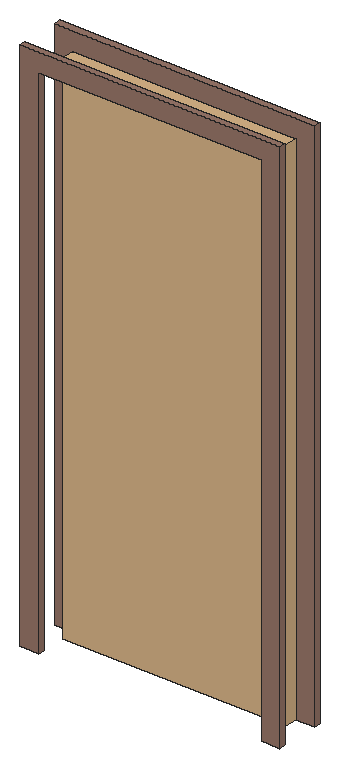
Revit family "e906dc3187914ebd8dc2ca6f78d5d0e1", category Doors, host Wall, Revit 2021
Family settings
  Host = Wall
  OmniClass Number = 23.30.10.00
  OmniClass Title = Doors
  Always vertical = Yes
  Cut with Voids When Loaded = No
  Shared = No
  Room Calculation Point = No
Parameters (values of type "36" x 84"")
  Visual Light Transmittance = 0
  Trim Material = Paint - Sienna
  Thickness = 0' - 2"
  Thermal Resistance (R) = 2.5876 (h·ft²·°F)/BTU
  Swing Angle [instance] = 90.00°
  Solar Heat Gain Coefficient = 0
  Panel Material = Wood - Birch - Solid Stained Light Low Gloss
  Define Thermal Properties by = Schematic Type
  Construction Type Id = "DOOR"
  Heat Transfer Coefficient (U) = 0.3865 BTU/(h·ft²·°F)
  Function = Interior
  Assembly Code = "C1020300"
  Height = 7' - 0"
  Trim Projection Ext. = 0' - 1"
  Trim Projection Int. = 0' - 1"
  Trim Width Ext. = 0' - 3"
  Trim Width Int. = 0' - 3"
  Wall Closure = By host
  Width = 3' - 0"
  Analytic Construction = "Wooden"
Reference planes (in)
  plane 1 "Center (Front/Back)": y = 0
  plane 2: z = 0
  plane 3 "Center (Left/Right)": x = 0
  plane 4 "Left": x = -18
  plane 5 "Right": x = 18
  plane 6: z = 84
  plane 7: y = 3
  plane 8: y = -3
  plane 9: y = 1
Forms (in)
  Extrusion 1, solid, material "Wood - Birch - Solid Stained Light Low Gloss" <- "Panel Material"
    sketch origin (-60, -3, 0) x (1, 0, 0) y (0, 0, 1)
      loop
        line (78, 84) -> (42, 84) -> (42, 0) -> (78, 0) -> (78, 84)
    from -6 to -4
  Extrusion 2, solid, material "Paint - Sienna" <- "Trim Material", detail levels fine
    sketch origin (-60, -3, 0) x (1, 0, 0) y (0, 0, 1)
      loop
        line (39, 87) -> (39, 0) -> (42, 0) -> (42, 84) -> (78, 84) -> (78, 0) -> (81, 0) -> (81, 87) -> (39, 87)
    from 0 to 1
  Extrusion 3, solid, material "Paint - Sienna" <- "Trim Material", detail levels fine
    sketch origin (-60, 3, 0) x (-1, 0, 0) y (0, 0, 1)
      loop
        line (-81, 87) -> (-81, 0) -> (-78, 0) -> (-78, 84) -> (-42, 84) -> (-42, 0) -> (-39, 0) -> (-39, 87) -> (-81, 87)
    from 0 to 1
Lines and regions (in)
  Opening 1
    outline origin (-60, -3, 144) x (0, 0, -1) y (1, 0, 0)
      loop
        line (60, 42) -> (144, 42) -> (144, 78) -> (60, 78) -> (60, 42)
  symbolic lines, style "Elevation Swing"
    curve 1: line (-18, 0, 0) -> (18, 0, 42)
    curve 2: line (-18, 0, 84) -> (18, 0, 42)
Dimensions and locks (in)
  equal spacing: plane 4 "Left", plane 3 "Center (Left/Right)", plane 5 "Right"
  "Width": plane 4 "Left" to plane 5 "Right"
  "Height": plane 6 to plane 2
  "Thickness": Extrusion 1 to Extrusion 1
  "Trim Projection Ext.": Extrusion 3 to host wall
  "Trim Projection Int.": Extrusion 2 to host wall
  "Trim Width Int.": Extrusion 2 sketch curve to plane 4 "Left"
  "Trim Width Int.": plane 5 "Right" to Extrusion 2 sketch curve
  "Trim Width Int.": Extrusion 2 sketch curve to plane 6
  "Trim Width Ext.": plane 5 "Right" to Extrusion 3 sketch curve
  "Trim Width Ext.": Extrusion 3 sketch curve to plane 4 "Left"
  "Trim Width Ext.": plane 6 to Extrusion 3 sketch curve
  equal spacing: level, curve 2, plane 6
  locked: plane 7 to host wall
  locked: host wall to plane 8
  "Thickness": plane 7 to plane 9
  aligned and locked: plane 5 "Right" to Extrusion 1 sketch curve
  aligned and locked: Extrusion 1 sketch curve to plane 6
  aligned and locked: plane 4 "Left" to Extrusion 1 sketch curve
  aligned and locked: Extrusion 1 to host wall  (x3)
  aligned and locked: host wall to Extrusion 1
  aligned and locked: nested 1 to plane 5 "Right"
  aligned and locked: plane 4 "Left" to nested 1
  aligned and locked: nested 2 to plane 4 "Left"
  aligned and locked: nested 1 to plane 7
  aligned and locked: plane 5 "Right" to nested 2
  aligned and locked: Extrusion 1 to plane 9
  aligned and locked: nested 2 to plane 9
Automatic sketch dimensions
  Opening 1 sketch curve to plane 6 = 0' - 0"
  Opening 1 sketch curve to level = 0' - 0"
  Opening 1 sketch curve to plane 4 "Left" = 0' - 0"
  Opening 1 sketch curve to plane 5 "Right" = 0' - 0"
  Extrusion 2 sketch curve to level = 0' - 0"  (x2)
  Extrusion 2 sketch curve to plane 4 "Left" = 0' - 0"
  Extrusion 2 sketch curve to plane 5 "Right" = 0' - 0"
  Extrusion 2 sketch curve to plane 6 = 0' - 0"
  Extrusion 3 sketch curve to level = 0' - 0"  (x2)
  Extrusion 3 sketch curve to plane 5 "Right" = 0' - 0"
  Extrusion 3 sketch curve to plane 4 "Left" = 0' - 0"
  Extrusion 3 sketch curve to plane 6 = 0' - 0"
  Extrusion 1 sketch curve to level = 0' - 0"
  curve 2 to plane 4 "Left" = 0' - 0"
  curve 2 to plane 6 = 0' - 0"
  curve 2 to plane 5 "Right" = 0' - 0"
  curve 1 to level = 0' - 0"
  curve 1 to plane 4 "Left" = 0' - 0"
Nested families (in)
  nested 1: "Door Swing-Single" at (18, 3, 0), Swing Angle <- "Swing Angle", type "Single"
    with Swing Visible yes, Swing Angle 90.00°, Actual Angle 90.00°
  nested 2: "Door Swing-Single-Opposing" at (18, 1, 0), Swing Angle <- "Swing Angle", type "Single"
    with Swing Visible yes, Swing Angle 90.00°, Actual Angle 90.00°
Definition of nested family "Door Swing-Single"
  Parameters
    Width = 3' - 0"
    Thickness = 0' - 1 3/4"
    Swing Visible [instance] = Swing Angle > 1.00°  # yes
    Swing Angle [instance] = 45.00°
    Assembly Code = ""
    Analytic Construction = "<None>"
    Actual Angle [instance] = if(Swing Angle < 1.00°, 1.00°, Swing Angle)  # 45.00°
  Reference planes (in)
    plane 1 "Center (Front/Back)": y = 0
    plane 2: z = 0
    plane 3 "Center (Left/Right)": x = 0
    plane 4: x = -36
  Lines and regions (in)
    Masking region 1
      outline origin (0, 0, 0) x (-0.707107, 0.707107, 0) y (-0.707107, -0.707107, 0)
        loop
          line (0, 0) -> (36, 0) -> (36, 1.75) -> (0, 1.75) -> (0, 0)
    symbolic lines
      curve 1: line (0, 0, 0) -> (-36, 0, 0)
    symbolic lines, visible <- "Swing Visible"
      curve 2: arc (-36, 0, 0) -> (-33.25966, 13.7766, 0) -> (-25.45584, 25.45584, 0) r 36
    reference lines
      curve 3: line (0, 0, 0) -> (-25.45584, 25.45584, 0)
    model lines
      curve 4: line (0, 0, 0) -> (0, 0, 1)
  Dimensions and locks (in)
    "Width": plane 4 to plane 3 "Center (Left/Right)"
    locked: curve 2 to plane 3 "Center (Left/Right)"
    locked: curve 2 to plane 1 "Center (Front/Back)"
    "Width": curve 3 to curve 3
    "Thickness": Masking region 1 sketch curve to Masking region 1 sketch curve
    locked: curve 4 to plane 2 at 1
    "Width": radius of curve 2
    "Actual Angle": angle curve 2 to curve 2
    "Swing Angle": angle curve 3 to plane 1 "Center (Front/Back)"
    aligned and locked: curve 1 to plane 1 "Center (Front/Back)"
    aligned and locked: plane 3 "Center (Left/Right)" to curve 1
    aligned and locked: plane 3 "Center (Left/Right)" to curve 3
    aligned and locked: plane 1 "Center (Front/Back)" to curve 3
    aligned and locked: curve 3 to Masking region 1 sketch curve
    aligned and locked: Masking region 1 sketch curve to curve 3  (x2)
    aligned and locked: plane 3 "Center (Left/Right)" to curve 4
    aligned and locked: plane 2 to curve 4
Definition of nested family "Door Swing-Single-Opposing"
  Parameters
    Width = 3' - 0"
    Thickness = 0' - 1 3/4"
    Swing Visible [instance] = Swing Angle > 1.00°  # yes
    Swing Angle [instance] = 45.00°
    Assembly Code = ""
    Analytic Construction = "<None>"
    Actual Angle [instance] = if(Swing Angle < 1.00°, 1.00°, Swing Angle)  # 45.00°
  Reference planes (in)
    plane 1 "Center (Front/Back)": y = 0
    plane 2: z = 0
    plane 3 "Center (Left/Right)": x = 0
    plane 4: x = -36
  Lines and regions (in)
    symbolic lines
      curve 1: line (0, 0, 0) -> (-36, 0, 0)
      curve 5: line (0, 0, 0) -> (-25.45584, 25.45584, 0)
      curve 6: line (-25.45584, 25.45584, 0) -> (-26.69328, 24.21841, 0)
      curve 7: line (-26.69328, 24.21841, 0) -> (-1.23744, -1.23744, 0)
      curve 8: line (-1.23744, -1.23744, 0) -> (0, 0, 0)
    symbolic lines, visible <- "Swing Visible"
      curve 2: arc (-36, 0, 0) -> (-33.25966, 13.7766, 0) -> (-25.45584, 25.45584, 0) r 36
    reference lines
      curve 3: line (0, 0, 0) -> (-25.45584, 25.45584, 0)
    model lines
      curve 4: line (0, 0, 0) -> (0, 0, 1)
  Dimensions and locks (in)
    "Width": plane 4 to plane 3 "Center (Left/Right)"
    locked: curve 2 to plane 3 "Center (Left/Right)"
    locked: curve 2 to plane 1 "Center (Front/Back)"
    "Width": curve 3 to curve 3
    locked: curve 4 to plane 2 at 1
    "Thickness": curve 3 to curve 7
    "Width": radius of curve 2
    "Actual Angle": angle curve 2 to curve 2
    "Swing Angle": angle curve 3 to plane 1 "Center (Front/Back)"
    aligned and locked: curve 1 to plane 1 "Center (Front/Back)"
    aligned and locked: plane 3 "Center (Left/Right)" to curve 1
    aligned and locked: plane 3 "Center (Left/Right)" to curve 3
    aligned and locked: plane 1 "Center (Front/Back)" to curve 3
    aligned and locked: plane 3 "Center (Left/Right)" to curve 4
    aligned and locked: plane 2 to curve 4
    aligned and locked: curve 5 to curve 2
    aligned and locked: curve 6 to curve 3
    aligned and locked: curve 8 to curve 3
